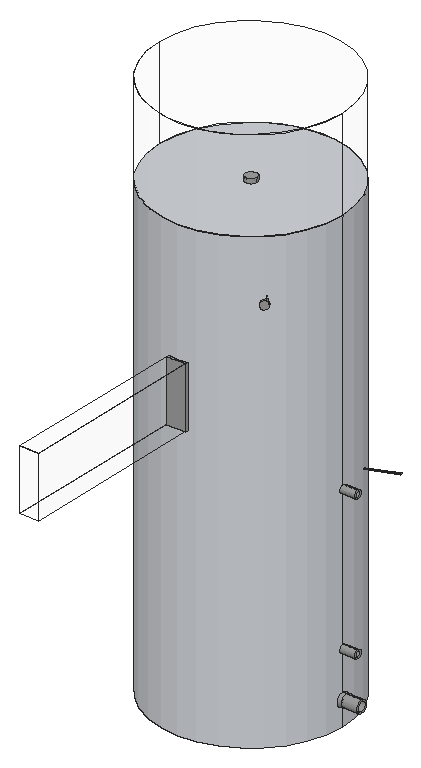
Revit family
Parameters (values of type "SET065")
  Vertical Clearance = 12"
  Tank Radius = 12"
  Voltage/Heater = "240/1"
  URL = "http://www.lochinvar.com/products/default.aspx?lineid=50&type=productline"
  Total Amps = "18.3"
  Sensor Well Radial Location = -1 * Tank Radius - 4"  # -16"
  Sensor Well Height = G_From Panel Dist Height  # 28"
  SES BIM Studio # = "201264901-12"
  Pressure Relief Valve Radial Location = -1 * Tank Radius - 1/2"  # -12 1/2"
  RECOVERY (GPH) = "0"
  D_Pressure Relief  Valve Height = 52 1/4"
  Pipe Dist From Center = Tank Radius - 2"  # 10"
  H_To Panel Dist Height = 9 1/4"
  Model = "SET065"
  Manufacturer = "Lochinvar"
  MODEL NO. = "SDT065"
  Hot Water Outlet Height = A_TANK HEIGHT + 1/2"  # 60 1/2"
  Hot/Cold Water Connection = 1 1/2"
  GALLON CAPACITY = "65.5"
  B_TANK DIAMETER = Tank Radius * 2  # 24"
  INPUT RATE (BTUH) = "0"
  A_TANK HEIGHT = 60"
  G_From Panel Dist Height = 28"
  Face Panel Extrusion Length = Tank Radius + 1/4"  # 12 1/4"
  FUEL TYPE = ""
  Description = "Squire Stainless Steel Solar Water Heater"
  Fuel Type = ""
  I_Cold Water Inlet Height = 3 1/4"
  Clearance Height = A_TANK HEIGHT + 12"  # 72"
  # of Electrical Connections = "1"
Types (4): name | Tank Radius | Sensor Well Radial Location | Sensor Well Height | Pressure Relief Valve Radial Location | D_Pressure Relief  Valve Height | Pipe Dist From Center | Model | MODEL NO. | Hot Water Outlet Height | GALLON CAPACITY | B_TANK DIAMETER | A_TANK HEIGHT | G_From Panel Dist Height | Face Panel Extrusion Length | Clearance Height
  (no name) | 12" | -16" | 28" | -12 1/2" | 52 1/4" | 10" | "SET065" | "SDT065" | 60 1/2" | "65.5" | 24" | 60" | 28" | 12 1/4" | 72"
  SET065 | 12" | -16" | 28" | -12 1/2" | 52 1/4" | 10" | "SET065" | "SDT065" | 60 1/2" | "65.5" | 24" | 60" | 28" | 12 1/4" | 72"
  SET080 | 12" | -16" | 28" | -12 1/2" | 61 3/4" | 10" | "SET080" | "SDT080" | 69 3/4" | "78.4" | 24" | 69 1/4" | 28" | 12 1/4" | 81 1/4"
  SET119 | 14" | -18" | 31 3/4" | -14 1/2" | 60 1/4" | 12" | "SET119" | "SDT119" | 68 1/2" | "109.8" | 28" | 68" | 31 3/4" | 14 1/4" | 80"
Reference planes (in)
  plane 1: z = 0
  plane 2: y = -1.83246
  plane 3: x = 77.16933
Forms (in)
  Extrusion 1, solid
    sketch origin (20.70262, 4.52692, 0) x (-1, 0, 0) y (0, -1, 0)
      loop
        circle (-56.46671, 6.35938) r 12
    from 0 to 60
  Revolve 2, solid, material "Default"
    sketch origin (0, -1.83246, -7.25) x (1, 0, 0) y (0, 0, 1)
      loop
        line (91.66933, 11.125) -> (91.66933, 11.25) -> (89.66933, 11.25) -> (89.17169, 11.375) -> (87.16933, 11.375) -> (87.16933, 11.125) -> (91.66933, 11.125)
      axis (87.16933, 10.5) -> (91.66933, 10.5)
    angle from 0 to 360
  Extrusion 3, solid, material "Default"
    sketch origin (0, 0, 0) x (1, 0, 0) y (0, 1, 0)
      loop
        circle (77.16933, -1.83246) r 0.75
    from 60 <- "A_TANK HEIGHT" to 60.5 <- "Hot Water Outlet Height"
  Extrusion 4, solid, material "Default"
    sketch origin (99.24831, 20.24652, -6.54141) x (-0.707107, -0.707107, 0) y (0, 0, 1)
      loop
        circle (31.2244, 58.79141) r 0.5
    from -8 to -12.5 <- "Pressure Relief Valve Radial Location"
  Extrusion 5, solid, material "Default"
    sketch origin (65.22027, 27.01512, -18.25) x (0.382683, -0.92388, 0) y (0, 0, 1)
      loop
        circle (31.2244, 46.25) r 0.06075
    from -9 to -16 <- "Sensor Well Radial Location"
  Extrusion 6, solid, material "Clearance"
    sketch origin (0, 0, 0) x (1, 0, 0) y (0, 1, 0)
      loop
        circle (77.16933, -1.83246) r 12
    from 60 <- "A_TANK HEIGHT" to 72 <- "Clearance Height"
  Revolve 7, solid, material "Default"
    sketch origin (0, -1.83246, -10.25) x (1, 0, 0) y (0, 0, 1)
      loop
        line (91.16933, 19.875) -> (91.16933, 20) -> (87.16933, 20) -> (87.16933, 19.875) -> (91.16933, 19.875)
      axis (87.16933, 19.5) -> (91.16933, 19.5)
    angle from 0 to 360
  Revolve 8, solid, material "Default"
    sketch origin (0, -1.83246, -4.5) x (1, 0, 0) y (0, 0, 1)
      loop
        line (91.16933, 32.875) -> (91.16933, 33) -> (87.16933, 33) -> (87.16933, 32.875) -> (91.16933, 32.875)
      axis (87.16933, 32.5) -> (91.16933, 32.5)
    angle from 0 to 360
  Extrusion 9, solid, material "Default"
    sketch origin (0.75, -8.08246, 8.5) x (1, 0, 0) y (0, 0, 1)
      loop
        line (75.16933, 35.71414) -> (75.16933, 27.71414) -> (77.66933, 27.71414) -> (77.66933, 35.71414) -> (75.16933, 35.71414)
    from 3.75 to 6
  Extrusion 10, solid, material "Clearance"
    sketch origin (0.75, -14.08246, 8.5) x (1, 0, 0) y (0, 0, 1)
      loop
        line (75.16933, 35.71414) -> (75.16933, 27.71414) -> (77.66933, 27.71414) -> (77.66933, 35.71414) -> (75.16933, 35.71414)
    from 0 to 24
Dimensions and locks (in)
  "A_TANK HEIGHT": level to Extrusion 1
  "I_Cold Water Inlet Height": Revolve 2 sketch curve to level
  "D_Pressure Relief  Valve Height": Extrusion 4 sketch curve to level
  "Sensor Well Height": Extrusion 5 sketch curve to level
  Revolve 7 sketch curve to Revolve 7 sketch curve = 1/2"
  "Pipe Dist From Center": plane 3 to Revolve 7 sketch curve
  "H_To Panel Dist Height": Revolve 7 sketch curve to level
  Revolve 8 sketch curve to Revolve 8 sketch curve = 1/2"
  "Pipe Dist From Center": plane 3 to Revolve 8 sketch curve
  "G_From Panel Dist Height": Revolve 8 sketch curve to level
  Revolve 2 sketch curve to Revolve 2 sketch curve = 3/4"
  "Pipe Dist From Center": plane 2 to Extrusion 9
  equal spacing: Extrusion 9, plane 3, Extrusion 9
  locked: Extrusion 9 to Extrusion 9 at 2.25
  Extrusion 9 to Extrusion 1 = 36.21414"
  "Tank Radius": radius of Extrusion 1 sketch curve
  radius of Extrusion 3 sketch curve = 3/4"
  "Tank Radius": radius of Extrusion 6 sketch curve
  aligned and locked: plane 2 to Extrusion 1 sketch curve
  aligned and locked: plane 3 to Extrusion 1 sketch curve
Automatic sketch dimensions
  Extrusion 6 sketch curve to plane 2 = 0"
  Extrusion 6 sketch curve to plane 3 = 0"
  Revolve 7 sketch curve to Revolve 7 sketch curve = 0"
  Revolve 7 sketch curve to Revolve 7 sketch curve = 4"
  Revolve 7 sketch curve to Revolve 7 sketch curve = 0.10603"
  Revolve 7 sketch curve to Revolve 7 sketch curve = 1/8"
  Revolve 8 sketch curve to Revolve 8 sketch curve = 0"
  Revolve 8 sketch curve to Revolve 8 sketch curve = 4"
  Revolve 8 sketch curve to Revolve 8 sketch curve = 0.10603"
  Revolve 8 sketch curve to Revolve 8 sketch curve = 1/8"
  Extrusion 3 sketch curve to plane 2 = 0"
  Extrusion 3 sketch curve to plane 3 = 0"
  Revolve 2 sketch curve to plane 3 = 10"
  Revolve 2 sketch curve to Revolve 2 sketch curve = 0"
  Revolve 2 sketch curve to Revolve 2 sketch curve = 2.00236"
  Revolve 2 sketch curve to Revolve 2 sketch curve = 0.49764"
  Revolve 2 sketch curve to Revolve 2 sketch curve = 1.60603"
  Revolve 2 sketch curve to Revolve 2 sketch curve = 0.39397"
  Revolve 2 sketch curve to Revolve 2 sketch curve = 1/8"  (x2)
  plane 3 to Extrusion 9 sketch curve = 1 1/4"
  Extrusion 9 sketch curve to plane 3 = 1 1/4"
  level to Extrusion 9 sketch curve = 36.21414"
  Extrusion 9 sketch curve to Extrusion 9 sketch curve = 8"
  Extrusion 10 sketch curve to Extrusion 9 = 0"  (x4)
  radius of Extrusion 4 sketch curve = 1/2"
  radius of Extrusion 5 sketch curve = 0.06075"
Connectors (in)
  piping at (77.16933, -1.83246, 60.5)
    settings: on Extrusion 3, index 1, connector radius 3/4", flow factor 0, pipe flow 0 GPM, pressure drop 0.00 psi, fitting loss kfactor 0, connector angle 0.00°, fixture units 0, flow configuration 0, flow direction 2, fitting loss method 0, system type 7, connector reference index -1, connector utility 0, adjustable connector no, is connector primary yes, fitting loss table "", connector description "Hot Water Outlet"
  piping at (91.16933, -1.83246, 28)
    settings: on Revolve 8, index 4, connector radius 1/2", flow factor 0, pipe flow 0 GPM, pressure drop 0.00 psi, fitting loss kfactor 0, connector angle 0.00°, fixture units 0, flow configuration 0, flow direction 1, fitting loss method 0, system type 19, connector reference index -1, connector utility 0, adjustable connector no, is connector primary no, fitting loss table "", connector description "From Panel"
  piping at (91.16933, -1.83246, 9.25)
    settings: on Revolve 7, index 5, connector radius 1/2", flow factor 0, pipe flow 0 GPM, pressure drop 0.00 psi, fitting loss kfactor 0, connector angle 0.00°, fixture units 0, flow configuration 0, flow direction 2, fitting loss method 0, system type 19, connector reference index -1, connector utility 0, adjustable connector no, is connector primary no, fitting loss table "", connector description "To Panel"
  piping at (91.66933, -1.83246, 3.25)
    settings: on Revolve 2, index 6, connector radius 3/4", flow factor 0, pipe flow 0 GPM, pressure drop 0.00 psi, fitting loss kfactor 0, connector angle 0.00°, fixture units 0, flow configuration 0, flow direction 1, fitting loss method 0, system type 19, connector reference index -1, connector utility 0, adjustable connector no, is connector primary no, fitting loss table "", connector description "Cold Water Inlet"
